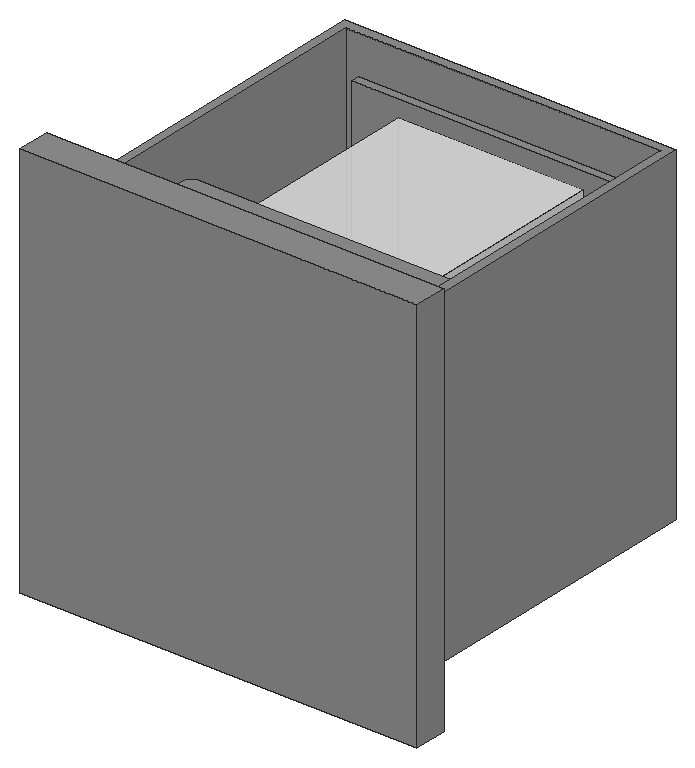
Revit family "3-735 Kubo Wall Lantern", category Lighting Fixtures, host Wall, Revit 2018
Family settings
  Host = Wall
  Round Connector Dimension = Use Diameter
  Part Type = Normal
  OmniClass Number = 23.80.70.00
  OmniClass Title = Lighting
  Always vertical = Yes
  Cut with Voids When Loaded = No
  Light Source = Yes
  Shared = No
  Room Calculation Point = No
Parameters (values of type "3-735-16 / Gray - White Frost Glass")
  Wattage Comments = "2 x 3.0 W at 120 V"  # constant formula
  Wattage = 4.74 W
  built-in parameter 1150110 = 1 (stored number, unit not read)
  Voltage Input = "120 V or 277 V - 50/60 Hz"  # constant formula
  Voltage = 120 V
  URL = "www.oxygenlighting.com"
  built-in parameter 1114217 = 1 (stored number, unit not read)
  Tilt Angle = 90.00°  # constant formula
  built-in parameter 1150109 = 1 (stored number, unit not read)
  built-in parameter 1150134 = (empty or 0)
  built-in parameter 1150113 = 1 (stored number, unit not read)
  References = "Ref. 3 = 120 V / Ref. 37 = 277 V"  # constant formula
  Photometric Web File = "3-735-15 Kubo.ies"
  Model = "3-735-xx Kubo Sconce"  # constant formula
  Metal Finish = 16 - Gray
  Manufacturer = "Oxygen - Lighting & Fans"  # constant formula
  Main Diffuser = White Frost Glass
  Lumens = 210.456 lm
  built-in parameter 1150115 = 1 (stored number, unit not read)
  built-in parameter 1150105 = 16.748 (stored number, unit not read)
  built-in parameter 1150137 = (empty or 0)
  built-in parameter 1150139 = (empty or 0)
  built-in parameter 1150112 = 1 (stored number, unit not read)
  built-in parameter 1150114 = 1 (stored number, unit not read)
  Lamp = "LED Array"  # constant formula
  built-in parameter 1150132 = (empty or 0)
  built-in parameter 1150102 = (empty or 0)
  built-in parameter 1150138 = (empty or 0)
  built-in parameter 1150107 = 3000 (stored number, unit not read)
  built-in parameter 1150106 = 0.16748 (stored number, unit not read)
  built-in parameter 1150104 = 4.1249 (stored number, unit not read)
  Dimming Lamp Color Temperature Shift = <None>
  Color Filter = 16777215
  built-in parameter 1114218 = 1 (stored number, unit not read)
  built-in parameter 1150133 = 10 (stored number, unit not read)
Types (3): name | Metal Finish
  (no name) | 16 - Gray
  3-735-15 / Black - White Frost Glass | 15 - Black
  3-735-16 / Gray - White Frost Glass | 16 - Gray
Reference planes (in)
  plane 1: y = 0
  plane 2 "Light Source Axis (F/B)": y = 5.20194
  plane 3 "Light Source Axis (L/R)": x = -1.43133
  plane 4 "Light Source Elevation": z = 33
  plane 5 "Wall Face": y = 3
Text (in)
  text "Placement Side" at (0, 40.15149, 123.01588), in view "Right"
  text "Placement Side" at (-70.3804, 56.61594, 0), in view "Ref. Level"
  text "Placement Side" at (0, 47.49176, 140.59947), in view "Left"
Dimensions and locks (in)
  locked: plane 5 "Wall Face" to plane 2 "Light Source Axis (F/B)" at 2.20194
  aligned and locked: plane 3 "Light Source Axis (L/R)" to imposter light
  aligned and locked: plane 2 "Light Source Axis (F/B)" to imposter light
  aligned and locked: plane 4 "Light Source Elevation" to imposter light
  aligned and locked: plane 5 "Wall Face" to host wall
  aligned and locked: nested 1 to plane 3 "Light Source Axis (L/R)"
  aligned and locked: plane 5 "Wall Face" to nested 1
  aligned and locked: nested 2 to plane 3 "Light Source Axis (L/R)"
  aligned and locked: nested 2 to nested 1
Nested families (in)
  nested 1: "Base" at (-1.43133, 3, 0), type "Base"
  nested 2: "Extru" at (-1.43133, 3.39458, 33), type "Extrusion"
Connectors (in)
  electrical at (-1.43133, 3, 33), driven by "Voltage"
    settings: on nested 1, index 1, voltage 120 V, apparent load 0 VA, apparent load phase1 0 VA, apparent load phase2 0 VA, apparent load phase3 0 VA, power factor 1, load classification "Other", number of poles 1, system type 31, power factor state 1, is connector primary yes, connector utility no, sub classification motor no, connector description ""
Definition of nested family "Base"
  Parameters (values of type "Base")
    Metal Finish = none
  Reference planes (in)
    plane 1 "Center (Front/Back)": y = 0
    plane 2: z = 0
    plane 3 "Center (Left/Right)": x = 0
  Forms (in)
    Extrusion 1, solid, material <- "Metal Finish"
      sketch origin (0, -3, 0) x (0, -1, 0) y (0, 0, 1)
        loop
          line (-3.39458, 35.36221) -> (-3.39458, 30.63779) -> (-3, 30.63779) -> (-3, 35.36221) -> (-3.39458, 35.36221)
      from 2.36 to -2.36
  Dimensions and locks (in)
    aligned and locked: level to plane 2
Definition of nested family "Extru"
  Parameters (values of type "Extrusion")
    Metal Finish = none
    Main Diffuser = none
  Reference planes (in)
    plane 1 "Center (Front/Back)": y = 0
    plane 2: z = 0
    plane 3 "Center (Left/Right)": x = 0
  Forms (in)
    Extrusion 1, solid, material <- "Metal Finish"
      sketch origin (0, 0, 0) x (1, 0, 0) y (0, 1, 0)
        loop
          line (-1.9685, 0) -> (1.9685, 0) -> (1.9685, 3.93701) -> (-1.9685, 3.93701) -> (-1.9685, 0)
        loop
          line (1.87008, 0.09843) -> (1.87008, 3.83858) -> (-1.87008, 3.83858) -> (-1.87008, 0.09843) -> (1.87008, 0.09843)
      from -1.9685 to 1.9685
    Extrusion 2, solid, material <- "Metal Finish"
      sketch origin (1.43167, -3.39458, 0) x (0, 1, 0) y (-1, 0, 0)
        loop
          line (7.05392, 3.08544) -> (7.05392, -0.2221) -> (7.15254, -0.2221) -> (7.15254, 3.08544) -> (7.05392, 3.08544)
        loop
          line (3.49174, 3.22233) -> (3.49174, -0.35899) -> (3.57122, -0.35899) -> (3.57122, -0.26036) -> (4.57511, -0.26036)
          arc (4.57511, -0.26036) -> (4.65838, -0.22587) -> (4.69287, -0.14261) r 0.11776
          line (4.69287, -0.14261) -> (4.69287, 3.00595)
          arc (4.69287, 3.00595) -> (4.65838, 3.08922) -> (4.57511, 3.12371) r 0.11776
          line (4.57511, 3.12371) -> (3.57122, 3.12371) -> (3.57122, 3.22233) -> (3.49174, 3.22233)
      from -1.59941 to 1.55696
    Extrusion 3, solid, material <- "Main Diffuser"
      sketch origin (1.43167, -3.39458, 0) x (0, 1, 0) y (-1, 0, 0)
        loop
          line (4.69287, 2.53345) -> (4.69287, 0.3299) -> (7.05392, 0.3299) -> (7.05392, 2.53345) -> (4.69287, 2.53345)
      from -1.39604 to 1.3616
  Dimensions and locks (in)
    locked: Extrusion 1 to Extrusion 1 at 3.93701
    equal spacing: Extrusion 1, level, Extrusion 1
    aligned and locked: level to plane 2
  Automatic sketch dimensions
    plane 1 "Center (Front/Back)" to Extrusion 1 sketch curve = 0.00"
    Extrusion 1 sketch curve to plane 3 "Center (Left/Right)" = 1.9685"
    Extrusion 1 sketch curve to Extrusion 1 sketch curve = 0.09843"  (x3)
    plane 3 "Center (Left/Right)" to Extrusion 1 sketch curve = 1.87008"
    Extrusion 1 sketch curve to plane 1 "Center (Front/Back)" = 0.09843"
    Extrusion 1 sketch curve to Extrusion 1 sketch curve = 3.74016"
    Extrusion 2 sketch curve to plane 1 "Center (Front/Back)" = 0.09715"
    Extrusion 2 sketch curve to Extrusion 2 sketch curve = 0.07949"  (x2)
    Extrusion 2 sketch curve to Extrusion 2 sketch curve = 1.00389"  (x2)
    Extrusion 2 sketch curve to Extrusion 2 sketch curve = 0.11776"
    Extrusion 2 sketch curve to Extrusion 2 sketch curve = 2.36105"
    Extrusion 2 sketch curve to Extrusion 2 sketch curve = 0.09862"  (x3)
    plane 3 "Center (Left/Right)" to Extrusion 2 sketch curve = 1.79066"
    plane 3 "Center (Left/Right)" to Extrusion 2 sketch curve = 1.65377"
    Extrusion 2 sketch curve to plane 3 "Center (Left/Right)" = 1.57428"
    Extrusion 2 sketch curve to plane 3 "Center (Left/Right)" = 1.65377"
    Extrusion 3 sketch curve to plane 1 "Center (Front/Back)" = 1.29828"
    Extrusion 3 sketch curve to plane 3 "Center (Left/Right)" = 1.10178"
    Extrusion 3 sketch curve to Extrusion 3 sketch curve = 2.36105"
    plane 3 "Center (Left/Right)" to Extrusion 3 sketch curve = 1.10178"
